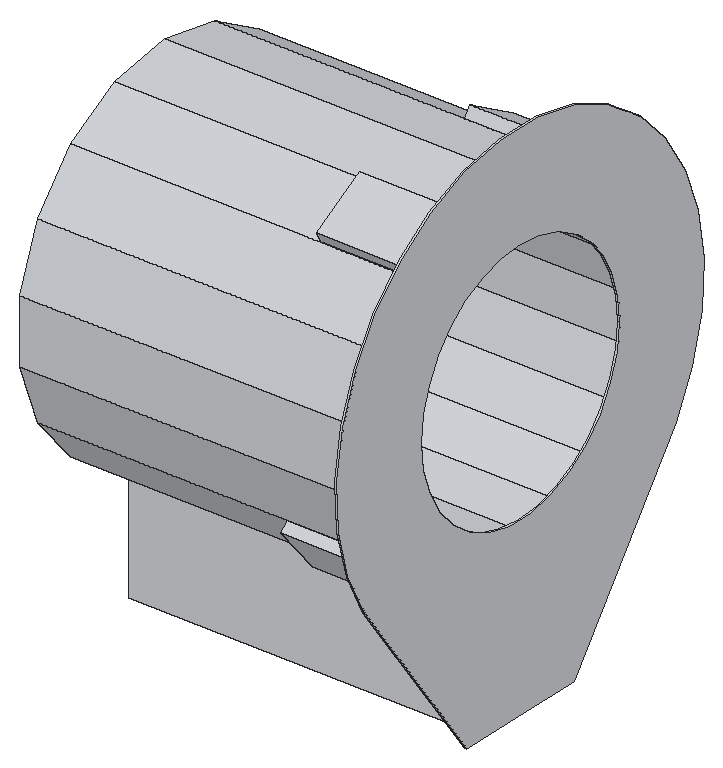
Revit family "GAS63-Version1", category Pipe Accessories, Revit 2016
Family settings
  Part Type = Breaks Into
  Round Connector Dimension = Use Diameter
  Work Plane-Based = No
  Always vertical = No
  Cut with Voids When Loaded = No
  Shared = No
Parameters
  URL = "http://www.snapcollars.com"
  Model = "GAS 63"
  Manufacturer = "Snap Fire Systems"
  Description = "he Snap Gas-63 is a metal, externally mounted collar, and is designed for both wall and floor applications."
Reference planes
  plane 1 "Center (Front/Back)": y = 0
  plane 2: z = 0
  plane 3 "Center (Left/Right)": x = -139.129
  plane 4: x = -230
  plane 5: x = -185
  plane 6: x = -190
Forms (mm)
  Extrusion 1, solid, material "PVC-White", not visible, detail levels fine
    sketch origin (0, 0, 0) x (1, 0, 0) y (0, 0, 1)
      loop
        line (-80, 60.418) -> (-227.967, 86.048) -> (-227.967, 69.12) -> (-80, 60.418)
    from -1.5 to 1.5
  Extrusion 2, solid, material "PVC-White", not visible, detail levels fine
    sketch origin (0, 0, 0) x (1, 0, 0) y (0, -0.5, 0.866025)
      loop
        line (-80, 60.418) -> (-227.967, 86.048) -> (-227.967, 69.12) -> (-80, 60.418)
    from -1.5 to 1.5
  Extrusion 3, solid, material "PVC-White", not visible, detail levels fine
    sketch origin (0, 0, 0) x (1, 0, 0) y (0, -0.866025, 0.5)
      loop
        line (-80, 60.418) -> (-227.967, 86.048) -> (-227.967, 69.12) -> (-80, 60.418)
    from -1.5 to 1.5
  Extrusion 4, solid, material "PVC-White", not visible, detail levels fine
    sketch origin (0, 0, 0) x (0, -1, 0) y (-1, 0, 0)
      loop
        line (60.418, 80) -> (86.048, 227.967) -> (69.12, 227.967) -> (60.418, 80)
    from -1.5 to 1.5
  Extrusion 5, solid, material "PVC-White", not visible, detail levels fine
    sketch origin (0, 0, 0) x (1, 0, 0) y (0, -0.866025, -0.5)
      loop
        line (-80, 60.418) -> (-227.967, 86.048) -> (-227.967, 69.12) -> (-80, 60.418)
    from -1.5 to 1.5
  Extrusion 6, solid, material "PVC-White", not visible, detail levels fine
    sketch origin (0, 0, 0) x (1, 0, 0) y (0, -0.5, -0.866025)
      loop
        line (-80, 60.418) -> (-227.967, 86.048) -> (-227.967, 69.12) -> (-80, 60.418)
    from -1.5 to 1.5
  Extrusion 7, solid, material "PVC-White", not visible, detail levels fine
    sketch origin (0, 0, 0) x (1, 0, 0) y (0, 0, -1)
      loop
        line (-80, 60.418) -> (-227.967, 86.048) -> (-227.967, 69.12) -> (-80, 60.418)
    from -1.5 to 1.5
  Extrusion 8, solid, material "PVC-White", not visible, detail levels fine
    sketch origin (0, 0, 0) x (1, 0, 0) y (0, 0.5, -0.866025)
      loop
        line (-80, 60.418) -> (-227.967, 86.048) -> (-227.967, 69.12) -> (-80, 60.418)
    from -1.5 to 1.5
  Extrusion 9, solid, material "PVC-White", not visible, detail levels fine
    sketch origin (0, 0, 0) x (1, 0, 0) y (0, 0.866025, -0.5)
      loop
        line (-80, 60.418) -> (-227.967, 86.048) -> (-227.967, 69.12) -> (-80, 60.418)
    from -1.5 to 1.5
  Extrusion 10, solid, material "PVC-White", not visible, detail levels fine
    sketch origin (0, 0, 0) x (1, 0, 0) y (0, 1, 0)
      loop
        line (-80, 60.418) -> (-227.967, 86.048) -> (-227.967, 69.12) -> (-80, 60.418)
    from -1.5 to 1.5
  Extrusion 11, solid, material "PVC-White", not visible, detail levels fine
    sketch origin (0, 0, 0) x (1, 0, 0) y (0, 0.866025, 0.5)
      loop
        line (-80, 60.418) -> (-227.967, 86.048) -> (-227.967, 69.12) -> (-80, 60.418)
    from -1.5 to 1.5
  Extrusion 12, solid, material "PVC-White", not visible, detail levels fine
    sketch origin (0, 0, 0) x (1, 0, 0) y (0, 0.5, 0.866025)
      loop
        line (-80, 60.418) -> (-227.967, 86.048) -> (-227.967, 69.12) -> (-80, 60.418)
    from -1.5 to 1.5
  Extrusion 13, solid
    sketch origin (-230, 2000, 1200) x (0, 1, 0) y (0, 0, 1)
      loop
        line (-1988.5, -1245.472) -> (-1983.754, -1244.635) -> (-1969.468, -1236.387) -> (-1958.864, -1223.75) -> (-1953.222, -1208.248) -> (-1953.222, -1191.752) -> (-1958.864, -1176.25) -> (-1969.468, -1163.613) -> (-1983.754, -1155.365) -> (-2000, -1152.5) -> (-2016.246, -1155.365) -> (-2030.532, -1163.613) -> (-2041.136, -1176.25) -> (-2046.778, -1191.752) -> (-2046.778, -1208.248) -> (-2041.136, -1223.75) -> (-2030.532, -1236.387) -> (-2016.246, -1244.635) -> (-2011.5, -1245.472) -> (-2011.5, -1277.472) -> (-1988.5, -1277.472) -> (-1988.5, -1245.472)
      loop
        line (-2000, -1165.5) -> (-2011.8, -1167.581) -> (-2022.176, -1173.571) -> (-2029.878, -1182.75) -> (-2033.976, -1194.009) -> (-2033.976, -1205.991) -> (-2029.878, -1217.25) -> (-2022.176, -1226.429) -> (-2011.8, -1232.419) -> (-2000, -1234.5) -> (-1988.2, -1232.419) -> (-1977.824, -1226.429) -> (-1970.122, -1217.25) -> (-1966.024, -1205.991) -> (-1966.024, -1194.009) -> (-1970.122, -1182.75) -> (-1977.824, -1173.571) -> (-1988.2, -1167.581) -> (-2000, -1165.5)
    from 0 to 91
  Extrusion 14, solid
    sketch origin (-230, 30.532, 36.387) x (0, -0.866025, 0.5) y (1, 0, 0)
      loop
        line (16.311, 91) -> (0, 91) -> (0, 65) -> (16.311, 65) -> (16.311, 91)
    from 0 to 3
  Extrusion 15, solid, not visible
    sketch origin (-230, 23.225, 34.758) x (0, -0.92388, 0.382683) y (1, 0, 0)
      loop
        line (16.311, 91) -> (0, 91) -> (0, 65) -> (16.311, 65) -> (16.311, 91)
    from 0 to 3
  Extrusion 16, solid, not visible
    sketch origin (-230, 24.373, 37.53) x (0, -0.92388, 0.382683) y (1, 0, 0)
      loop
        line (16.311, 91) -> (0, 91) -> (0, 88) -> (16.311, 88) -> (16.311, 91)
    from 0 to 21
  Extrusion 17, solid, not visible
    sketch origin (-230, 29.764, 30.118) x (0, -0.866025, 0.5) y (1, 0, 0)
      loop
        line (16.311, 91) -> (0, 91) -> (0, 65) -> (16.311, 65) -> (16.311, 91)
    from 0 to 3
  Extrusion 18, solid
    sketch origin (-230, -16.246, 44.635) x (0, -0.866025, -0.5) y (1, 0, 0)
      loop
        line (16.311, 91) -> (0, 91) -> (0, 65) -> (16.311, 65) -> (16.311, 91)
    from 0 to 3
  Extrusion 19, solid
    sketch origin (-230, -41.136, -23.75) x (0, 0.642788, -0.766044) y (1, 0, 0)
      loop
        line (16.311, 91) -> (0, 91) -> (0, 65) -> (16.311, 65) -> (16.311, 91)
    from 0 to 3
  Extrusion 20, solid
    sketch origin (-230, 30.672, -36.269) x (0, 0.639831, 0.768516) y (1, 0, 0)
      loop
        line (16.311, 91) -> (0, 91) -> (0, 65) -> (16.311, 65) -> (16.311, 91)
    from 0 to 3
  Extrusion 21, solid, not visible
    sketch origin (-230, -17.015, 38.366) x (0, -0.866025, -0.5) y (1, 0, 0)
      loop
        line (16.311, 91) -> (0, 91) -> (0, 65) -> (16.311, 65) -> (16.311, 91)
    from 0 to 3
  Extrusion 22, solid, not visible
    sketch origin (-230, -41.905, -30.019) x (0, 0.642788, -0.766044) y (1, 0, 0)
      loop
        line (16.311, 91) -> (0, 91) -> (0, 65) -> (16.311, 65) -> (16.311, 91)
    from 0 to 3
  Extrusion 23, solid, not visible
    sketch origin (-230, 29.904, -42.538) x (0, 0.639831, 0.768516) y (1, 0, 0)
      loop
        line (16.311, 91) -> (0, 91) -> (0, 65) -> (16.311, 65) -> (16.311, 91)
    from 0 to 3
  Extrusion 24, solid
    sketch origin (-139, 2000, 1200) x (0, 1, 0) y (0, 0, 1)
      loop
        circle (-2000, -1200) r 32.226
      loop
        line (-2000, -1277.472) -> (-1982.5, -1277.472) -> (-1949.605, -1231.633)
        arc (-1949.605, -1231.633) -> (-2000.075, -1140.5) -> (-2050.545, -1231.633) r 59.542
        line (-2050.545, -1231.633) -> (-2017.5, -1277.472) -> (-2000, -1277.472)
    from 1.477 to 0.977
Dimensions and locks
  locked: plane 4 to plane 3 "Center (Left/Right)" at 90.871
  Extrusion 1 sketch curve to Extrusion 1 sketch curve = 0 mm
  Extrusion 2 sketch curve to Extrusion 2 sketch curve = 0 mm
  Extrusion 3 sketch curve to Extrusion 3 sketch curve = 0 mm
  Extrusion 4 sketch curve to Extrusion 4 sketch curve = 0 mm
  Extrusion 5 sketch curve to Extrusion 5 sketch curve = 0 mm
  Extrusion 6 sketch curve to Extrusion 6 sketch curve = 0 mm
  Extrusion 7 sketch curve to Extrusion 7 sketch curve = 0 mm
  Extrusion 8 sketch curve to Extrusion 8 sketch curve = 0 mm
  Extrusion 9 sketch curve to Extrusion 9 sketch curve = 0 mm
  Extrusion 10 sketch curve to Extrusion 10 sketch curve = 0 mm
  Extrusion 11 sketch curve to Extrusion 11 sketch curve = 0 mm
  Extrusion 12 sketch curve to Extrusion 12 sketch curve = 0 mm
  aligned and locked: level to plane 2
Connectors
  piping at (-190, 0, 0), diameter 63
    settings: on plane 6, index 4, connector inside diameter 609.6 mm, connector length 0 mm, flow factor 0, pipe flow 0.0 L/s, pressure drop 0.0 Pa, fitting loss kfactor 0, connector angle 0.00°, fixture units 0, engagement length 0 mm, angle of deflection 0.00°, flow configuration 0, flow direction 0, fitting loss method 0, system type 7, joint type 0, gender type 0, connector reference index -1, connector utility 0, adjustable connector no, is connector primary yes, connector description ""
  piping at (-185, 0, 0), diameter 63
    settings: on plane 5, index 5, connector inside diameter 609.6 mm, connector length 0 mm, flow factor 0, pipe flow 0.0 L/s, pressure drop 0.0 Pa, fitting loss kfactor 0, connector angle 0.00°, fixture units 0, engagement length 0 mm, angle of deflection 0.00°, flow configuration 0, flow direction 0, fitting loss method 0, system type 7, joint type 0, gender type 0, connector reference index -1, connector utility 0, adjustable connector no, is connector primary no, connector description ""
